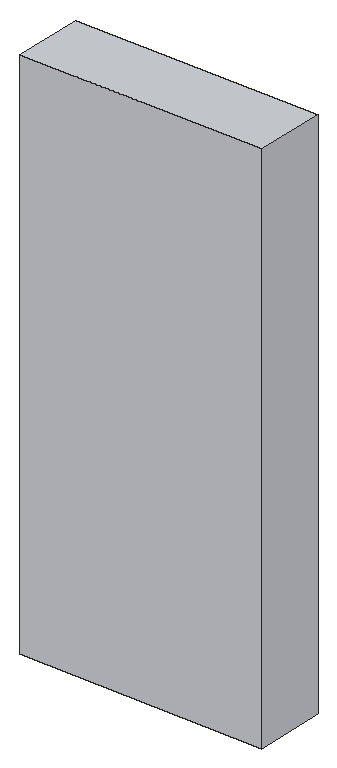
Revit family "Lighting_Fixture-Wall-Astro-Monzaxxx", category Lighting Fixtures, host Face, Revit 2014
Parameters (values of type "0915 Monza Plus 400")
  Width Lower Plate = 115.00 mm
  Width = 125.00 mm
  Weight = "2.62kg"
  Wattage Comments = "24w"
  Wattage = 9.2903 W
  built-in parameter 1150110 = 1 (stored number, unit not read)
  Voltage = 230 V
  URL = "www.astrolighting.co.uk"
  Type Comments = "Includes integral electronic ballast. Can be mounted horizontally or vertically."
  built-in parameter 1114217 = 1 (stored number, unit not read)
  Tilt Angle = 90.00°  # constant formula
  built-in parameter 1150109 = 1 (stored number, unit not read)
  built-in parameter 1150134 = 3
  built-in parameter 1150113 = 1 (stored number, unit not read)
  Suitable for bathroom zone = "Zones 2 and 3"
  Radius Upper Plate = 62.50 mm
  Radius Lower Plate = 57.50 mm
  Product Documentation = "http://www.astrolighting.co.uk/products/0915_Monza-Plus-400"
  Photometric Web File = "0915 monza plus 400.ies"
  Number of Poles = 1
  Mountable on normally flammable surfaces = "Yes"
  Model = "0915 Monza 400"
  Manufacturer = "Astro Lighting Ltd, CM20 2DP"
  built-in parameter 1150105 = 109.82 (stored number, unit not read)
  Lumens = 1380 lm
  Luminaire Lamp Efficiency Rating = "B"
  built-in parameter 1150115 = 1 (stored number, unit not read)
  Light Source From Wall = Length / 2  # 44.25 mm
  built-in parameter 1150137 = (empty or 0)
  built-in parameter 1150139 = (empty or 0)
  Length = 88.50 mm
  Lamp included = "No"
  built-in parameter 1150112 = 1 (stored number, unit not read)
  built-in parameter 1150114 = 1 (stored number, unit not read)
  Lamp = "2G11"
  built-in parameter 1150132 = (empty or 0)
  built-in parameter 1150102 = (empty or 0)
  built-in parameter 1150107 = 3200 (stored number, unit not read)
  built-in parameter 1150138 = (empty or 0)
  built-in parameter 1150106 = 1.0982 (stored number, unit not read)
  IP Rating = "IP44"
  Height = 400.00 mm
  Energy Efficiency Rating = ""
  Emit from Rectangle Width = 370.00 mm
  Emit from Rectangle Length = 115.00 mm
  Emit Shape Visible in Rendering = no
  built-in parameter 1150104 = 13.8 (stored number, unit not read)
  Dimming Lamp Color Temperature Shift = <None>
  Dimmable = "No"
  Description = "Mirror Light"
  Default Elevation [instance] = 1700.00 mm
  Color Filter = 16777215
  Class = 2
  Casing Material = Astro - Steel - Chrome Finish
  Cable Entry Placement = 340.00 mm
  Manufacturer Contact = "01279 427001"
  built-in parameter 1114218 = 1 (stored number, unit not read)
  built-in parameter 1150133 = 10 (stored number, unit not read)
  Assembly Code = "D5020200"
  Apparent Load = 20.07 VA
  Angle 2 = 14.00°
  Angle 1 = 7.00°
  900 Diffuser Height = 870.00 mm
  900 Diffuser Visibility = no
  600 Diffuser Height = 370.00 mm
  600 Diffuser Visibility = yes
Types (3, lengths in mm): name | Width Lower Plate | Width | Weight | Wattage Comments | Type Comments | Radius Upper Plate | Radius Lower Plate | Product Documentation | Photometric Web File | Model | Luminaire Lamp Efficiency Rating | Light Source From Wall | Length | Lamp | Height | Emit from Rectangle Width | Emit from Rectangle Length | Cable Entry Placement | Apparent Load | Angle 2 | Angle 1 | 900 Diffuser Visibility | 600 Diffuser Height | 600 Diffuser Visibility
  7017 Monza 600 | 116.00 | 125.00 | "1.8kg" | "24w" | "Includes integral electronic ballast. Can be mounted horizontally or vertically." | 62.50 | 58.00 | "http://www.astrolighting.co.uk/products/kw/7017/7017_Monza-600" | "7017 MONZA 600.ies" | "7017 Monza 600" | "A-C" | 44.25 | 88.50 | "T5" | 600.00 | 570.00 | 116.00 | 530.00 | 19.73 VA | 14.00° | 7.00° | no | 570.00 | yes
  7018 Monza 900 | 90.00 | 100.00 | "2.6kg" | "39w" | "Includes integral electronic ballast. Can be mounted horizontally or vertically" | 50.00 | 45.00 | "http://www.astrolighting.co.uk/products/kw/7018/7018_Monza-900" | "7018 MONZA 900.ies" | "7018 Monza 900" | "A-C" | 37.25 | 74.50 | "T5" | 900.00 | 870.00 | 90.00 | 90.00 | 41.77 VA | 18.50° | 9.25° | yes | 570.00 | no
  0915 Monza Plus 400 | 115.00 | 125.00 | "2.62kg" | "24w" | "Includes integral electronic ballast. Can be mounted horizontally or vertically." | 62.50 | 57.50 | "http://www.astrolighting.co.uk/products/0915_Monza-Plus-400" | "0915 monza plus 400.ies" | "0915 Monza 400" | "B" | 44.25 | 88.50 | "2G11" | 400.00 | 370.00 | 115.00 | 340.00 | 20.07 VA | 14.00° | 7.00° | no | 370.00 | yes
Reference planes
  plane 1: y = -75
  plane 2 "Light Source Axis (L/R)": x = 125
  plane 3 "Light Source Axis (F/R)": y = 44.25
  plane 4 "Light Source Elevation": z = 1600
  plane 5: y = -150
  plane 6 "Center (Elevation)": z = 1600
  plane 7: z = 0
  plane 8 "Top": z = 1800
  plane 9 "Bottom": z = 1400
  plane 10 "Left": x = 187.5
  plane 11 "Right": x = 62.5
  plane 12 "Front": y = 88.5
  plane 13: y = 0
  plane 14: z = 1795
  plane 15: z = 1785
  plane 16: z = 1405
  plane 17: z = 1415
  plane 18: x = 67.5
  plane 19: x = 182.5
  plane 20: y = 26
  plane 21: y = 110
Forms (mm)
  Extrusion 1, solid
    sketch origin (140, -150, 1500) x (0, 0, 1) y (1, 0, 0)
      loop
        line (-478.17, -275.805) -> (680, -275.805) -> (680, 245) -> (-478.17, 245) -> (-478.17, -275.805)
    from 0 to 150
  Extrusion 2, solid, material "Astro - Steel - Chrome Finish" <- "Casing Material"
    sketch origin (919.786, 225, 1800) x (1, 0, 0) y (0, 1, 0)
      loop
        line (-852.286, -199) -> (-852.286, -225) -> (-737.286, -225) -> (-737.286, -199)
        arc (-737.286, -199) -> (-794.786, -141.5) -> (-852.286, -199) r 57.5
    from -5 to 0
  Extrusion 3, solid, material "Astro - Steel - Chrome Finish" <- "Casing Material"
    sketch origin (980.916, 225, 1400) x (1, 0, 0) y (0, 1, 0)
      loop
        line (-913.416, -199) -> (-913.416, -225) -> (-798.416, -225) -> (-798.416, -199)
        arc (-798.416, -199) -> (-855.916, -141.5) -> (-913.416, -199) r 57.5
    from 0 to 5
  Extrusion 4, solid, material "Astro - Steel - Chrome Finish" <- "Casing Material"
    sketch origin (980.916, 225, 1400) x (1, 0, 0) y (0, 1, 0)
      loop
        line (-918.416, -225) -> (-793.416, -225) -> (-793.416, -199)
        arc (-793.416, -199) -> (-855.916, -136.5) -> (-918.416, -199) r 62.5
        line (-918.416, -199) -> (-918.416, -225)
    from 5 to 15
  Extrusion 5, solid, material "Astro - Steel - Chrome Finish" <- "Casing Material"
    sketch origin (919.786, 225, 1800) x (1, 0, 0) y (0, 1, 0)
      loop
        arc (-732.286, -199) -> (-794.786, -136.5) -> (-857.286, -199) r 62.5
        line (-857.286, -199) -> (-857.286, -225) -> (-732.286, -225) -> (-732.286, -199)
    from -15 to -5
  Extrusion 6, solid, material "Astro - Steel - Chrome Finish" <- "Casing Material"
    sketch origin (980.916, 225, 1400) x (1, 0, 0) y (0, 1, 0)
      loop
        line (-918.416, -225) -> (-793.416, -225) -> (-793.416, -210) -> (-918.416, -210) -> (-918.416, -225)
    from 5 to 25
  Extrusion 7, solid, material "Astro - Steel - Chrome Finish" <- "Casing Material"
    sketch origin (919.786, 225, 1800) x (1, 0, 0) y (0, 1, 0)
      loop
        line (-857.286, -225) -> (-732.286, -225) -> (-732.286, -210) -> (-857.286, -210) -> (-857.286, -225)
    from -25 to -5
  Extrusion 8, solid, material "Astro - Steel - Chrome Finish" <- "Casing Material"
    sketch origin (1573.638, 225, 1600) x (1, 0, 0) y (0, 1, 0)
      loop
        line (-1511.138, -225) -> (-1386.138, -225) -> (-1386.138, -210) -> (-1511.138, -210) -> (-1511.138, -225)
    from -175 to 175
  Extrusion 9, solid
    sketch origin (-969.65, 0, 4000) x (-1, 0, 0) y (0, 0, 1)
      loop
        circle (-1094.65, -2540) r 15
    from 0 to 5
  Extrusion 10, solid, material "Astro - Polycarbonate - White", visible <- "600 Diffuser Visibility"
    sketch origin (205, 110, 1600) x (0, 1, 0) y (1, 0, 0)
      loop
        arc (-21.5, -80) -> (-22.958, -72.505) -> (-23.357, -64.88) r 54.576
        arc (-23.357, -64.88) -> (-26.585, -57.96) -> (-28.816, -50.658) r 54.576
        arc (-28.816, -50.658) -> (-33.622, -44.725) -> (-37.553, -38.179) r 54.576
        arc (-37.553, -38.179) -> (-43.652, -33.585) -> (-49.05, -28.185) r 54.576
        arc (-49.05, -28.185) -> (-56.08, -25.203) -> (-62.624, -21.269) r 54.576
        arc (-62.624, -21.269) -> (-70.166, -20.076) -> (-77.467, -17.842) r 54.576
        arc (-77.467, -17.842) -> (-85.073, -18.509) -> (-92.698, -18.108) r 54.576
        arc (-92.698, -18.108) -> (-93.844, -18.58) -> (-95, -19.025) r 54.576
        line (-95, -19.025) -> (-95, -20.091)
        arc (-95, -20.091) -> (-93.771, -19.626) -> (-92.554, -19.133) r 55.576
        arc (-92.554, -19.133) -> (-85.056, -19.509) -> (-77.575, -18.871) r 55.576
        arc (-77.575, -18.871) -> (-70.39, -21.051) -> (-62.978, -22.242) r 55.576
        arc (-62.978, -22.242) -> (-56.534, -26.094) -> (-49.629, -29.043) r 55.576
        arc (-49.629, -29.043) -> (-44.308, -34.34) -> (-38.322, -38.872) r 55.576
        arc (-38.322, -38.872) -> (-34.441, -45.299) -> (-29.729, -51.144) r 55.576
        arc (-29.729, -51.144) -> (-27.518, -58.319) -> (-24.36, -65.13) r 55.576
        arc (-24.36, -65.13) -> (-23.951, -72.627) -> (-22.535, -80) r 55.576
        arc (-22.535, -80) -> (-23.951, -87.373) -> (-24.36, -94.87) r 55.576
        arc (-24.36, -94.87) -> (-27.518, -101.681) -> (-29.729, -108.856) r 55.576
        arc (-29.729, -108.856) -> (-34.441, -114.701) -> (-38.322, -121.128) r 55.576
        arc (-38.322, -121.128) -> (-44.308, -125.66) -> (-49.629, -130.957) r 55.576
        arc (-49.629, -130.957) -> (-56.534, -133.906) -> (-62.978, -137.758) r 55.576
        arc (-62.978, -137.758) -> (-70.39, -138.949) -> (-77.575, -141.129) r 55.576
        arc (-77.575, -141.129) -> (-85.056, -140.491) -> (-92.554, -140.867) r 55.576
        arc (-92.554, -140.867) -> (-93.771, -140.374) -> (-95, -139.909) r 55.576
        line (-95, -139.909) -> (-95, -140.975)
        arc (-95, -140.975) -> (-93.844, -141.42) -> (-92.698, -141.892) r 54.576
        arc (-92.698, -141.892) -> (-85.073, -141.491) -> (-77.467, -142.158) r 54.576
        arc (-77.467, -142.158) -> (-70.166, -139.924) -> (-62.624, -138.731) r 54.576
        arc (-62.624, -138.731) -> (-56.08, -134.797) -> (-49.05, -131.815) r 54.576
        arc (-49.05, -131.815) -> (-43.652, -126.415) -> (-37.553, -121.821) r 54.576
        arc (-37.553, -121.821) -> (-33.622, -115.275) -> (-28.816, -109.342) r 54.576
        arc (-28.816, -109.342) -> (-26.585, -102.04) -> (-23.357, -95.12) r 54.576
        arc (-23.357, -95.12) -> (-22.958, -87.495) -> (-21.5, -80) r 54.576
    from -185 to 185
  Extrusion 11, solid, material "Astro - Polycarbonate - White", visible <- "900 Diffuser Visibility"
    sketch origin (205, 110, 1600) x (0, 1, 0) y (1, 0, 0)
      loop
        arc (-34, -92.5) -> (-36.131, -84.704) -> (-36.584, -76.635) r 38.43
        arc (-36.584, -76.635) -> (-41.078, -69.918) -> (-44.068, -62.409) r 38.43
        arc (-44.068, -62.409) -> (-50.462, -57.465) -> (-55.68, -51.294) r 38.43
        arc (-55.68, -51.294) -> (-63.311, -48.634) -> (-70.218, -44.437) r 38.43
        arc (-70.218, -44.437) -> (-77.725, -44.4) -> (-85.082, -42.904) r 38.43
        arc (-85.082, -42.904) -> (-89.971, -44.288) -> (-95, -45.015) r 38.43
        line (-95, -45.015) -> (-95, -46.018)
        arc (-95, -46.018) -> (-89.963, -45.308) -> (-85.059, -43.956) r 39.43
        arc (-85.059, -43.956) -> (-77.857, -45.391) -> (-70.513, -45.467) r 39.43
        arc (-70.513, -45.467) -> (-63.738, -49.538) -> (-56.287, -52.177) r 39.43
        arc (-56.287, -52.177) -> (-51.153, -58.188) -> (-44.924, -63.054) r 39.43
        arc (-44.924, -63.054) -> (-41.963, -70.383) -> (-37.6, -76.975) r 39.43
        arc (-37.6, -76.975) -> (-37.118, -84.865) -> (-35.071, -92.5) r 39.43
        arc (-35.071, -92.5) -> (-37.118, -100.135) -> (-37.6, -108.025) r 39.43
        arc (-37.6, -108.025) -> (-41.963, -114.617) -> (-44.924, -121.946) r 39.43
        arc (-44.924, -121.946) -> (-51.153, -126.812) -> (-56.287, -132.823) r 39.43
        arc (-56.287, -132.823) -> (-63.738, -135.462) -> (-70.513, -139.533) r 39.43
        arc (-70.513, -139.533) -> (-77.857, -139.609) -> (-85.059, -141.044) r 39.43
        arc (-85.059, -141.044) -> (-89.963, -139.692) -> (-95, -138.982) r 39.43
        line (-95, -138.982) -> (-95, -139.985)
        arc (-95, -139.985) -> (-89.971, -140.712) -> (-85.082, -142.096) r 38.43
        arc (-85.082, -142.096) -> (-77.725, -140.6) -> (-70.218, -140.563) r 38.43
        arc (-70.218, -140.563) -> (-63.311, -136.366) -> (-55.68, -133.706) r 38.43
        arc (-55.68, -133.706) -> (-50.462, -127.535) -> (-44.068, -122.591) r 38.43
        arc (-44.068, -122.591) -> (-41.078, -115.082) -> (-36.584, -108.365) r 38.43
        arc (-36.584, -108.365) -> (-36.131, -100.296) -> (-34, -92.5) r 38.43
    from -435 to 435
Cuts and joins
  joined: Extrusion 5, Extrusion 7
  joined: Extrusion 4, Extrusion 6
Lines and regions (mm)
  reference lines, not visible
    curve 1: line (205, 110, 1600) -> (45, 110, 1600)
Text (mm)
  text "Placement side" at (-38.232, 161.183, 0), in view "Ref. Level"
  text "Placement side" at (0, 231.712, 2027.044), in view "Left"
  text "Placement side" at (0, 628.478, 3011.967), in view "Right"
Dimensions and locks
  equal spacing: plane 9 "Bottom", plane 6 "Center (Elevation)", plane 8 "Top"
  "Height": plane 9 "Bottom" to plane 8 "Top"
  equal spacing: plane 11 "Right", plane 2 "Light Source Axis (L/R)", plane 10 "Left"
  "Width": plane 11 "Right" to plane 10 "Left"
  locked: plane 1 to plane 13 at 75
  "Length": plane 12 "Front" to plane 13
  "Light Source From Wall": plane 3 "Light Source Axis (F/R)" to plane 13
  locked: plane 14 to plane 8 "Top" at 5
  locked: plane 15 to plane 8 "Top" at 15
  locked: plane 9 "Bottom" to plane 16 at 5
  locked: plane 9 "Bottom" to plane 17 at 15
  equal spacing: plane 18, plane 2 "Light Source Axis (L/R)", plane 19
  "Width Lower Plate": plane 18 to plane 19
  locked: plane 20 to plane 13 at 26
  locked: Extrusion 6 sketch curve to plane 13 at 15
  locked: plane 9 "Bottom" to Extrusion 6 at 25
  locked: Extrusion 7 sketch curve to plane 13 at 15
  locked: Extrusion 7 to plane 8 "Top" at 25
  locked: Extrusion 8 sketch curve to plane 13 at 15
  "Cable Entry Placement": Extrusion 9 sketch curve to plane 8 "Top"
  locked: Extrusion 9 to plane 13 at 5
  locked: plane 21 to plane 13 at 110
  equal spacing: Extrusion 11, plane 6 "Center (Elevation)", Extrusion 11
  "900 Diffuser Height": Extrusion 11 to Extrusion 11
  equal spacing: Extrusion 10, plane 6 "Center (Elevation)", Extrusion 10
  "600 Diffuser Height": Extrusion 10 to Extrusion 10
  "Radius Lower Plate": radius of Extrusion 2 sketch curve
  "Radius Lower Plate": radius of Extrusion 3 sketch curve
  "Radius Upper Plate": radius of Extrusion 4 sketch curve
  "Radius Upper Plate": radius of Extrusion 5 sketch curve
  radius of Extrusion 9 sketch curve = 15.00 mm
  aligned and locked: Extrusion 2 sketch curve to plane 13
  aligned and locked: plane 20 to Extrusion 2 sketch curve
  aligned and locked: Extrusion 2 sketch curve to plane 18
  aligned and locked: Extrusion 2 to plane 14
  aligned and locked: plane 8 "Top" to Extrusion 2
  aligned and locked: Extrusion 3 sketch curve to plane 13
  aligned and locked: plane 2 "Light Source Axis (L/R)" to Extrusion 3 sketch curve
  aligned and locked: plane 20 to Extrusion 3 sketch curve
  aligned and locked: Extrusion 3 to plane 9 "Bottom"
  aligned and locked: plane 16 to Extrusion 3
  aligned and locked: Extrusion 4 sketch curve to plane 13
  aligned and locked: plane 2 "Light Source Axis (L/R)" to Extrusion 4 sketch curve
  aligned and locked: plane 20 to Extrusion 4 sketch curve
  aligned and locked: Extrusion 4 sketch curve to plane 11 "Right"
  aligned and locked: Extrusion 4 sketch curve to plane 10 "Left"
  aligned and locked: plane 17 to Extrusion 4
  aligned and locked: Extrusion 4 to plane 16
  aligned and locked: plane 2 "Light Source Axis (L/R)" to Extrusion 5 sketch curve
  aligned and locked: plane 20 to Extrusion 5 sketch curve
  aligned and locked: Extrusion 5 sketch curve to plane 11 "Right"
  aligned and locked: Extrusion 5 sketch curve to plane 10 "Left"
  aligned and locked: Extrusion 5 sketch curve to plane 13
  aligned and locked: Extrusion 5 to plane 15
  aligned and locked: plane 14 to Extrusion 5
  aligned and locked: Extrusion 6 sketch curve to plane 13
  aligned and locked: Extrusion 6 sketch curve to plane 11 "Right"
  aligned and locked: Extrusion 6 sketch curve to plane 10 "Left"
  aligned and locked: Extrusion 6 to plane 16
  aligned and locked: Extrusion 7 sketch curve to plane 11 "Right"
  aligned and locked: Extrusion 7 sketch curve to plane 10 "Left"
  aligned and locked: Extrusion 7 sketch curve to plane 13
  aligned and locked: plane 14 to Extrusion 7
  aligned and locked: Extrusion 8 sketch curve to plane 11 "Right"
  aligned and locked: Extrusion 8 sketch curve to plane 10 "Left"
  aligned and locked: Extrusion 8 sketch curve to plane 13
  aligned and locked: Extrusion 8 to cut or joined group of Extrusion 5, Extrusion 7
  aligned and locked: Extrusion 8 to cut or joined group of Extrusion 4, Extrusion 6
  aligned and locked: Extrusion 9 to plane 13
  aligned and locked: plane 4 "Light Source Elevation" to plane 6 "Center (Elevation)"
  aligned and locked: plane 2 "Light Source Axis (L/R)" to imposter light
  aligned and locked: plane 3 "Light Source Axis (F/R)" to imposter light
  aligned and locked: imposter light to plane 6 "Center (Elevation)"
Automatic sketch dimensions
  Extrusion 1 sketch curve to Extrusion 1 sketch curve = 1158.17 mm
  Extrusion 1 sketch curve to Extrusion 1 sketch curve = 520.805 mm
  curve 1 to plane 6 "Center (Elevation)" = 0.00 mm
  curve 1 to plane 11 "Right" = 142.50 mm
  curve 1 to curve 1 = 160.00 mm
  Extrusion 10 sketch curve to Extrusion 10 sketch curve = 0.00 mm  (x34)
  Extrusion 10 sketch curve to Extrusion 10 sketch curve = 28.017 mm  (x2)
  Extrusion 10 sketch curve to Extrusion 10 sketch curve = 28.137 mm  (x2)
  Extrusion 10 sketch curve to curve 1 = 31.303 mm  (x2)
  Extrusion 10 sketch curve to curve 1 = 7.848 mm  (x2)
  curve 1 to Extrusion 10 sketch curve = 11.084 mm  (x2)
  curve 1 to Extrusion 10 sketch curve = 24.366 mm  (x2)
  Extrusion 10 sketch curve to Extrusion 10 sketch curve = 6.844 mm
  Extrusion 10 sketch curve to curve 1 = 36.058 mm
  Extrusion 10 sketch curve to Extrusion 10 sketch curve = 2.957 mm
  Extrusion 10 sketch curve to Extrusion 10 sketch curve = 3.938 mm  (x2)
  Extrusion 10 sketch curve to curve 1 = 23.424 mm
  Extrusion 10 sketch curve to curve 1 = 7.603 mm
  curve 1 to Extrusion 10 sketch curve = 13.422 mm
  Extrusion 10 sketch curve to Extrusion 10 sketch curve = 24.98 mm
  Extrusion 10 sketch curve to Extrusion 10 sketch curve = 27.452 mm  (x2)
  Extrusion 10 sketch curve to Extrusion 10 sketch curve = 28.292 mm
  Extrusion 10 sketch curve to curve 1 = 13.422 mm
  curve 1 to Extrusion 10 sketch curve = 7.603 mm
  curve 1 to Extrusion 10 sketch curve = 23.424 mm
  curve 1 to Extrusion 10 sketch curve = 32.12 mm
  Extrusion 10 sketch curve to Extrusion 10 sketch curve = 9.676 mm
  Extrusion 10 sketch curve to curve 1 = 95.00 mm
  Extrusion 10 sketch curve to Extrusion 10 sketch curve = 2.302 mm  (x2)
  Extrusion 10 sketch curve to Extrusion 10 sketch curve = 0.144 mm  (x2)
  Extrusion 10 sketch curve to Extrusion 10 sketch curve = 14.979 mm  (x2)
  Extrusion 10 sketch curve to Extrusion 10 sketch curve = 0.108 mm  (x2)
  Extrusion 10 sketch curve to Extrusion 10 sketch curve = 14.597 mm  (x2)
  Extrusion 10 sketch curve to Extrusion 10 sketch curve = 0.354 mm  (x2)
  Extrusion 10 sketch curve to Extrusion 10 sketch curve = 13.349 mm  (x2)
  Extrusion 10 sketch curve to Extrusion 10 sketch curve = 0.579 mm  (x2)
  Extrusion 10 sketch curve to Extrusion 10 sketch curve = 11.307 mm  (x2)
  Extrusion 10 sketch curve to Extrusion 10 sketch curve = 0.769 mm  (x2)
  Extrusion 10 sketch curve to Extrusion 10 sketch curve = 8.593 mm  (x2)
  Extrusion 10 sketch curve to Extrusion 10 sketch curve = 0.914 mm  (x2)
  Extrusion 10 sketch curve to Extrusion 10 sketch curve = 5.369 mm  (x2)
  Extrusion 10 sketch curve to Extrusion 10 sketch curve = 1.004 mm  (x2)
  Extrusion 10 sketch curve to Extrusion 10 sketch curve = 1.826 mm
  Extrusion 10 sketch curve to Extrusion 10 sketch curve = 1.035 mm
  curve 1 to Extrusion 10 sketch curve = 17.842 mm
  Extrusion 10 sketch curve to Extrusion 10 sketch curve = 1.029 mm
  Extrusion 10 sketch curve to Extrusion 10 sketch curve = 0.917 mm  (x2)
  Extrusion 11 sketch curve to Extrusion 11 sketch curve = 0.00 mm  (x25)
  Extrusion 11 sketch curve to curve 1 = 73.782 mm  (x2)
  Extrusion 11 sketch curve to curve 1 = 46.918 mm  (x2)
  Extrusion 11 sketch curve to curve 1 = 23.887 mm  (x2)
  Extrusion 11 sketch curve to curve 1 = 7.068 mm  (x2)
  curve 1 to Extrusion 11 sketch curve = 1.80 mm  (x2)
  curve 1 to Extrusion 11 sketch curve = 6.172 mm
  curve 1 to Extrusion 11 sketch curve = 6.70 mm
  curve 1 to Extrusion 11 sketch curve = 13.875 mm
  Extrusion 11 sketch curve to Extrusion 11 sketch curve = 15.829 mm
  Extrusion 11 sketch curve to Extrusion 11 sketch curve = 22.319 mm
  Extrusion 11 sketch curve to Extrusion 11 sketch curve = 26.503 mm
  Extrusion 11 sketch curve to Extrusion 11 sketch curve = 27.947 mm
  Extrusion 11 sketch curve to curve 1 = 27.024 mm
  Extrusion 11 sketch curve to curve 1 = 4.705 mm
  curve 1 to Extrusion 11 sketch curve = 11.125 mm
  curve 1 to Extrusion 11 sketch curve = 18.30 mm
  curve 1 to Extrusion 11 sketch curve = 18.828 mm
  Extrusion 11 sketch curve to curve 1 = 95.00 mm
  Extrusion 11 sketch curve to Extrusion 11 sketch curve = 2.973 mm
  Extrusion 11 sketch curve to Extrusion 11 sketch curve = 9.918 mm  (x2)
  Extrusion 11 sketch curve to Extrusion 11 sketch curve = 0.023 mm  (x2)
  Extrusion 11 sketch curve to Extrusion 11 sketch curve = 14.546 mm  (x2)
  Extrusion 11 sketch curve to Extrusion 11 sketch curve = 0.295 mm  (x2)
  Extrusion 11 sketch curve to Extrusion 11 sketch curve = 14.227 mm  (x2)
  Extrusion 11 sketch curve to Extrusion 11 sketch curve = 0.607 mm  (x2)
  Extrusion 11 sketch curve to Extrusion 11 sketch curve = 11.363 mm  (x2)
  Extrusion 11 sketch curve to Extrusion 11 sketch curve = 0.856 mm  (x2)
  Extrusion 11 sketch curve to Extrusion 11 sketch curve = 7.324 mm  (x2)
  Extrusion 11 sketch curve to Extrusion 11 sketch curve = 1.016 mm  (x2)
  Extrusion 11 sketch curve to Extrusion 11 sketch curve = 2.528 mm
  Extrusion 11 sketch curve to Extrusion 11 sketch curve = 1.071 mm
  Extrusion 11 sketch curve to Extrusion 11 sketch curve = 36.732 mm
  Extrusion 11 sketch curve to Extrusion 11 sketch curve = 1.052 mm
  Extrusion 11 sketch curve to Extrusion 11 sketch curve = 92.964 mm
  Extrusion 9 sketch curve to plane 2 "Light Source Axis (L/R)" = 0.00 mm
Connectors
  electrical at (125, 0, 1460), driven by "Number of Poles", driven by "Voltage", driven by "Apparent Load"
    settings: on Extrusion 9, index 1, voltage 230 V, apparent load 0 VA, apparent load phase1 20.07 VA, apparent load phase2 0 VA, apparent load phase3 0 VA, power factor 1, load classification "Other", number of poles 1, system type 31, power factor state 1, is connector primary yes, connector utility no, sub classification motor no, connector description ""
